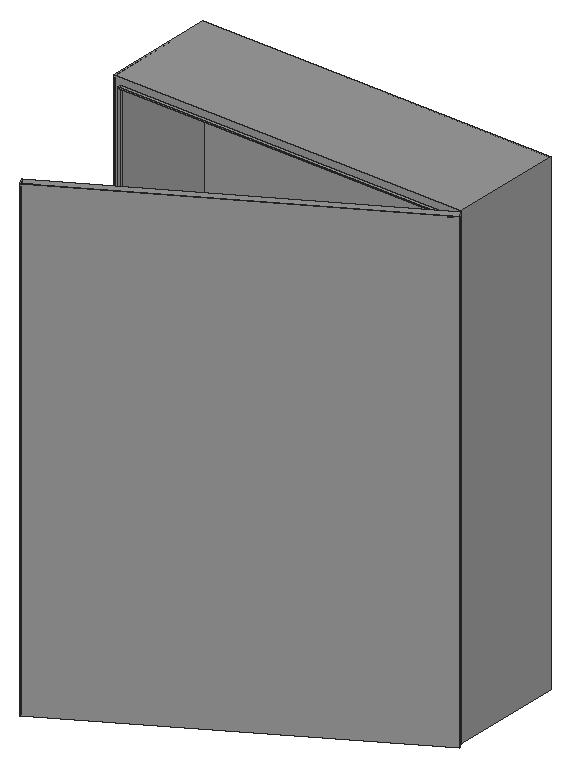
Revit family "Hager-Univers-IP55-D275-H1100-Cl.II-Steel_encl-NoHosted-CH-fr", category Electrical Equipment, Revit 2020
Family settings
  Panel Configuration = Two Columns, Circuits Across
  Round Connector Dimension = Use Diameter
  Part Type = Panelboard
  Work Plane-Based = Yes
  Always vertical = Yes
  Cut with Voids When Loaded = No
  Shared = No
  Room Calculation Point = No
Parameters (values of type "saillie IP55 L800 H1100 P275  - FR73S")
  Width Control [instance] = if([EF000008 - largeur] > Min Width, [EF000008 - largeur], Min Width)  # 800 mm
  Type Comments = [HG000003 - Gamme]  # "Univers"
  Thickness Door [instance] = if([EF009171 - épaisseur de matériau de la porte/du couvercle] > 3 mm, 3 mm, [EF009171 - épaisseur de matériau de la porte/du couvercle])  # 1.5 mm
  Seal Frame Offset [instance] = 17 mm  # constant formula
  Plinth Visibility [instance] = [HG000027 - Hauteur du socle] > 0 mm  # no
  Min Width [instance] = 100 mm  # constant formula
  Min Depth [instance] = (2 * [EF009170 - épaisseur de matériau du boîtier]) + 1 mm  # 4 mm
  Min Height [instance] = 100 mm  # constant formula
  Internal Frame Depth [instance] = (Door System Depth * 0.5)  # 9 mm
  Panel Name [instance] = ""  # (empty or 0)
  Model = ""
  HG000027 - Hauteur du socle = 0 mm
  HG000026 - Installation au sol = no
  HG000024 - Hauteur de la section basse = 600 mm
  HG000023 - Armoire double section = no
  HG000016 - Visibilité de la porte 3D [instance] = yes
  HG000015 - Visibilité de l'emprise de la porte [instance] = no
  HG000014 - Porte à droite [instance] = yes
  HG000013 - Porte à gauche [instance] = not([HG000014 - Porte à droite])  # no
  HG000012 - Angle de pivotement de la porte [instance] = 30.00°
  HG000010 - Portes asymétriques = no
  HG000009 - Porte à double battant = no
  HG000006 - Encastré = no
  HG000004 - Référence fabricant = "FR73S"
  HG000003 - Gamme = "Univers"
  HG000002 - avec porte = yes
  Frame Offset Bottom [instance] = 10 mm  # constant formula
  Frame Offset [instance] = 15 mm  # constant formula
  EF015940 - couvercle avec décharge de pression = no
  EF011959 - degré de protection (NEMA) = ""
  EF009554 - nombre d'ouvertures pour plaques à bride = 6
  EF009212 - finition du couvercle = "EV000116 - fermé"
  EF009171 - épaisseur de matériau de la porte/du couvercle = 1.5 mm
  EF009170 - épaisseur de matériau du boîtier = 1.5 mm
  EF008873 - courant nominal (In) = 800 A
  EF007800 - adapté à un parafoudre = no
  EF006306 - avec serrure = no
  EF006244 - couvercle/porte transparent(e) = no
  EF005474 - indice de protection (IP) = "EV006420 - IP55"
  EF004464 - type de porte = "EV002646 - unique"
  EF004427 - nombre de modules = 252
  EF004293 - indice de protection contre les chocs (IK) = "EV008784 - IK10"
  EF003532 - convient pour utilisation à l’extérieur = no
  EF002950 - largeur en nombre de modules = 24
  EF001613 - maintien de fonction = "EV000494 - sans"
  EF001596 - matériau du boîtier/corps = "EV000179 - acier"
  EF001131 - profondeur intérieure = 275 mm
  EF001088 - possibilité de montage en saillie = yes
  EF000437 - nombre d'entrées de conduit = 6
  EF000339 - type de capot = "EV004216 - porte"
  EF000266 - nombre de rangées = 7
  EF000218 - profondeur d'encastrement = 0 mm
  EF000118 - avec cadre/support de montage = no
  EF000116 - numéro RAL = "7035"
  EF000049 - profondeur = 275 mm
  EF000040 - hauteur = 1100 mm
  EF000008 - largeur = 800 mm
  EF000007 - couleur = "EV000270 - gris"
  EF000003 - mode de pose = "EV000384 - saillie"
  Door System Leaf Tolerance [instance] = 1.5 mm  # constant formula
  Door System Depth [instance] = 18 mm  # constant formula
  Door Height [instance] = Height Control - [HG000027 - Hauteur du socle]  # 1100 mm
  Description = ""
  Default Elevation = 1219.2 mm
  Connector Offset [instance] = Height Control / 2  # 550 mm
  Manufacturer = "Hager"  # constant formula
  Height Control [instance] = if([EF000040 - hauteur] > Min Height, [EF000040 - hauteur], Min Height)  # 1100 mm
  Depth Control [instance] = if([EF000049 - profondeur] > Min Depth, [EF000049 - profondeur], Min Depth)  # 275 mm
  Bottom Top Plate Trim [instance] = 1.5 mm  # constant formula
  Plinth height Ctrl [instance] = if([HG000027 - Hauteur du socle] > 0 mm, [HG000027 - Hauteur du socle], 12 mm)  # 12 mm
Types (5, lengths in mm): name | Width Control | HG000010 - Portes asymétriques | HG000009 - Porte à double battant | HG000004 - Référence fabricant | EF009554 - nombre d'ouvertures pour plaques à bride | EF004464 - type de porte | EF004427 - nombre de modules | EF000437 - nombre d'entrées de conduit | EF000008 - largeur
  saillie IP55 L1050 H1100 P275  - FR74S | 1050 | no | yes | "FR74S" | 8 | "EV003602 - double" | 336 | 8 | 1050
  saillie IP55 L1300 H1100 P275  - FR75S | 1300 | yes | yes | "FR75S" | 10 | "EV003602 - double" | 420 | 10 | 1300
  saillie IP55 L300 H1100 P275  - FR71S | 300 | no | no | "FR71S" | 2 | "EV002646 - unique" | 84 | 2 | 300
  saillie IP55 L550 H1100 P275  - FR72S | 550 | no | no | "FR72S" | 4 | "EV002646 - unique" | 168 | 4 | 550
  saillie IP55 L800 H1100 P275  - FR73S | 800 | no | no | "FR73S" | 6 | "EV002646 - unique" | 252 | 6 | 800
Reference planes
  plane 1 "Center (Front/Back)": y = 0
  plane 2: z = 0
  plane 3 "Center (Left/Right)": x = 0
  plane 4: y = 0
  plane 5: y = 0
  plane 6: z = 0
  plane 7: x = -400
  plane 8: x = 400
  plane 9: x = 398.5
  plane 10: x = -398.5
  plane 11: z = 0
  plane 12: z = 1.5
  plane 13: y = -275
  plane 14: y = -1.5
  plane 15: x = 0
  plane 16: y = -257
  plane 17: y = -273.5
  plane 18: y = -255.5
  plane 19: x = -383.5
  plane 20: x = 383.5
  plane 21: z = 11.5
  plane 22: x = -383
  plane 23: x = 383
  plane 24: z = 0
  plane 25: z = 1100
  plane 26: z = 1100
  plane 27: z = 1083.5
  plane 28: z = 1098.5
Forms (mm)
  Extrusion 1, solid, material "Hager_Steel_RAL7035_Light_Grey", detail levels medium+fine
    sketch origin (-208.679, -4572, 0) x (-1, 0, 0) y (0, -1, 0)
      loop
        line (191.321, -4315) -> (-608.679, -4315) -> (-608.679, -4572) -> (191.321, -4572) -> (191.321, -4315)
    from 0 to 1100
  Extrusion 2, void
    sketch origin (-350.771, -275, 1219.2) x (1, 0, 0) y (0, 0, 1)
      loop
        line (-47.729, -120.7) -> (-47.729, -1217.7) -> (749.271, -1217.7) -> (749.271, -120.7) -> (-47.729, -120.7)
    from -19.5 to -273.5
  Extrusion 3, void
    sketch origin (-290.084, -257, 1219.2) x (1, 0, 0) y (0, 0, 1)
      loop
        line (-93.416, -1207.7) -> (673.584, -1207.7) -> (673.584, -135.7) -> (-93.416, -135.7) -> (-93.416, -1207.7)
    from 0 to -1.5
  Extrusion 4, solid, material "Hager_Steel_RAL7035_Light_Grey", visible <- "Plinth Visibility", detail levels medium+fine
    sketch origin (0, 0, 0) x (1, 0, 0) y (0, 1, 0)
      loop
        line (-400, 0) -> (-400, -257) -> (400, -257) -> (400, 0) -> (-400, 0)
    from 0 to 12 <- "Plinth height Ctrl"
  Extrusion 5, solid, material "Hager_Steel_RAL7035_Light_Grey", detail levels coarse
    sketch origin (0, 0, 0) x (1, 0, 0) y (0, 1, 0)
      loop
        line (-400, 0) -> (-400, -275) -> (400, -275) -> (400, 0) -> (-400, 0)
    from 0 to 1100 <- "Height Control"
  Sweep 6, void
    path in 3D
      loop
        line (-400, -257, 12) -> (400, -257, 12) -> (400, 0, 12) -> (-400, 0, 12) -> (-400, -257, 12)
    profile origin (-400, -128.5, 12) x (1, 0, 0) y (0, 0, 1)
      loop
        line (0, 0) -> (0, -1.5) -> (1.5, -1.5)
        arc (1.5, -1.5) -> (1.061, -0.439) -> (0, 0) r 1.5
  Extrusion 7, solid, material "Hager_Steel_RAL7035_Light_Grey", detail levels fine
    sketch origin (-400, -257, 0) x (1, 0, 0) y (0, 0, 1)
      loop
        line (16.5, 11.5) -> (783.5, 11.5) -> (783.5, 1083.5) -> (16.5, 1083.5) -> (16.5, 11.5)
      loop
        line (15, 10) -> (785, 10) -> (785, 1085) -> (15, 1085) -> (15, 10)
    from 0 to 9 <- "Internal Frame Depth"
Cuts and joins
  Extrusion 2, Extrusion 3 cuts Extrusion 1
  Sweep 6 cuts Extrusion 4
Lines and regions (mm)
  Masking region 1
    outline origin (0, 0, 0) x (1, 0, 0) y (0, 1, 0)
      loop
        line (-400, 0) -> (-400, -275) -> (400, -275) -> (400, 0) -> (-400, 0)
  Masking region 2, detail levels coarse
    outline origin (-290.084, -257, 1219.2) x (-1, 0, 0) y (0, 0, 1)
      loop
        line (-690.084, -1219.2) -> (109.916, -1219.2) -> (109.916, -119.2) -> (-690.084, -119.2) -> (-690.084, -1219.2)
  Masking region 3, detail levels coarse
    outline origin (0, 0, 0) x (0, 1, 0) y (0, 0, 1)
      loop
        line (0, 0) -> (0, 1100) -> (-275, 1100) -> (-275, 0) -> (0, 0)
  Masking region 4, visible <- "Plinth Visibility", detail levels medium+fine
    outline origin (0, 0, 0) x (0, 1, 0) y (0, 0, 1)
      loop
        line (-1.5, 12) -> (-255.5, 12)
        arc (-255.5, 12) -> (-255.939, 10.939) -> (-257, 10.5) r 1.5
        line (-257, 10.5) -> (-257, 0) -> (0, 0) -> (0, 10.5)
        arc (0, 10.5) -> (-1.061, 10.939) -> (-1.5, 12) r 1.5
  Masking region 5, detail levels medium+fine
    outline origin (0, 0, 594.038) x (0, 1, 0) y (0, 0, 1)
      loop
        line (0, -594.038) -> (0, 505.962) -> (-257, 505.962) -> (-257, -594.038) -> (0, -594.038)
  Masking region 6, detail levels medium+fine
    outline origin (-359.7, -257, 1211.883) x (-1, 0, 0) y (0, 0, 1)
      loop
        line (-759.7, -1211.883) -> (40.3, -1211.883) -> (40.3, -111.883) -> (-759.7, -111.883) -> (-759.7, -1211.883)
  Masking region 7, visible <- "Plinth Visibility", detail levels medium+fine
    outline origin (-320.334, -257, 1041.368) x (-1, 0, 0) y (0, 0, 1)
      loop
        line (-720.334, -1041.368) -> (79.666, -1041.368) -> (79.666, -1030.868)
        arc (79.666, -1030.868) -> (78.606, -1030.429) -> (78.166, -1029.368) r 1.5
        line (78.166, -1029.368) -> (-718.834, -1029.368)
        arc (-718.834, -1029.368) -> (-719.273, -1030.429) -> (-720.334, -1030.868) r 1.5
        line (-720.334, -1030.868) -> (-720.334, -1041.368)
  sketch lines
    curve 1: line (-400, 0, 12) -> (-400, -257, 12)
    curve 2: line (-400, -257, 12) -> (400, -257, 12)
    curve 3: line (400, 0, 12) -> (-400, 0, 12)
    curve 4: line (400, -257, 12) -> (400, 0, 12)
Dimensions and locks
  locked: plane 1 "Center (Front/Back)" to plane 5
  "EF009170 - épaisseur de matériau du boîtier": plane 7 to plane 10
  "EF009170 - épaisseur de matériau du boîtier": plane 8 to plane 9
  equal spacing: plane 7, plane 3 "Center (Left/Right)", plane 8
  "Width Control": plane 7 to plane 8
  "Depth Control": plane 4 to plane 13
  "EF009170 - épaisseur de matériau du boîtier": plane 4 to plane 14
  "Height Control": plane 25 to level
  "HG000027 - Hauteur du socle": plane 11 to level
  "EF009170 - épaisseur de matériau du boîtier": plane 12 to plane 11
  "EF009170 - épaisseur de matériau du boîtier": plane 17 to plane 13
  "EF009170 - épaisseur de matériau du boîtier": plane 18 to plane 16
  "Frame Offset Bottom": plane 21 to plane 12
  "Frame Offset": plane 10 to plane 19
  "Frame Offset": plane 9 to plane 20
  "Door System Depth": plane 16 to plane 13
  "Seal Frame Offset": plane 7 to plane 22
  "Seal Frame Offset": plane 8 to plane 23
  "EF009170 - épaisseur de matériau du boîtier": plane 26 to plane 28
  "Frame Offset": plane 28 to plane 27
  "Connector Offset": plane 2 to connector elem
  "Bottom Top Plate Trim": profile plane to Sweep 6 sketch curve
  "Bottom Top Plate Trim": Sweep 6 sketch curve to Sweep 6 sketch curve
  "Plinth height Ctrl": Masking region 4 sketch curve to level
  "Plinth height Ctrl": Masking region 7 sketch curve to level
  "Thickness Door": Extrusion 7 sketch curve to Extrusion 7 sketch curve  (x4)
  "Bottom Top Plate Trim": radius of Sweep 6 sketch curve
  "Bottom Top Plate Trim": radius of Masking region 4 sketch curve  (x2)
  "Bottom Top Plate Trim": radius of Masking region 7 sketch curve  (x2)
  aligned and locked: Extrusion 2 sketch curve to plane 12
  aligned and locked: Extrusion 2 sketch curve to plane 9
  aligned and locked: Extrusion 2 sketch curve to plane 10
  aligned and locked: Extrusion 2 to plane 14
  aligned and locked: Extrusion 1 sketch curve to plane 4
  aligned and locked: plane 8 to Extrusion 1 sketch curve
  aligned and locked: plane 7 to Extrusion 1 sketch curve
  aligned and locked: Extrusion 2 to plane 18
  aligned and locked: Extrusion 3 sketch curve to plane 19
  aligned and locked: plane 20 to Extrusion 3 sketch curve
  aligned and locked: Extrusion 3 to Extrusion 2
  aligned and locked: Extrusion 3 sketch curve to plane 21
  aligned and locked: plane 3 "Center (Left/Right)" to nested 1
  aligned and locked: Extrusion 1 sketch curve to plane 16
  aligned and locked: Extrusion 4 sketch curve to cut or joined group of Extrusion 1, Extrusion 2, Extrusion 3
  aligned and locked: Masking region 1 sketch curve to plane 7
  aligned and locked: Masking region 1 sketch curve to plane 5
  aligned and locked: Masking region 1 sketch curve to plane 8
  aligned and locked: Masking region 2 sketch curve to level
  aligned and locked: level to Masking region 3 sketch curve
  aligned and locked: plane 1 "Center (Front/Back)" to Masking region 3 sketch curve
  aligned and locked: plane 13 to Masking region 3 sketch curve
  aligned and locked: plane 5 to Masking region 4 sketch curve
  aligned and locked: Masking region 2 sketch curve to plane 8
  aligned and locked: Masking region 2 sketch curve to plane 7
  aligned and locked: plane 7 to nested 2
  aligned and locked: nested 2 to plane 5
  aligned and locked: plane 5 to Masking region 5 sketch curve
  aligned and locked: plane 26 to Masking region 5 sketch curve
  aligned and locked: Extrusion 5 sketch curve to plane 8
  aligned and locked: Extrusion 5 sketch curve to plane 7
  aligned and locked: Extrusion 5 sketch curve to plane 5
  aligned and locked: Extrusion 3 sketch curve to plane 27
  aligned and locked: Extrusion 2 sketch curve to plane 28
  aligned and locked: Masking region 2 to plane 25
  aligned and locked: Extrusion 4 to plane 16
  aligned and locked: profile plane to Sweep 6 sketch curve
  aligned and locked: Masking region 5 sketch curve to plane 24
  aligned and locked: level to Masking region 4 sketch curve
  aligned and locked: Masking region 1 to plane 13
  aligned and locked: nested 1 to plane 16
  aligned and locked: Masking region 3 to plane 25
  aligned and locked: plane 16 to Masking region 4 sketch curve
  aligned and locked: Masking region 5 sketch curve to plane 16
  aligned and locked: plane 24 to plane 11
  aligned and locked: plane 26 to plane 25
  aligned and locked: plane 26 to cut or joined group of Extrusion 1, Extrusion 2, Extrusion 3
  aligned and locked: nested 1 to plane 24
  aligned and locked: Extrusion 1 to Extrusion 3
  aligned and locked: Masking region 6 sketch curve to plane 8
  aligned and locked: Masking region 6 sketch curve to plane 24
  aligned and locked: Masking region 6 sketch curve to plane 7
  aligned and locked: Masking region 6 sketch curve to plane 26
  aligned and locked: Masking region 7 sketch curve to plane 7
  aligned and locked: level to Masking region 7 sketch curve
  aligned and locked: Masking region 7 sketch curve to plane 8
  aligned and locked: Extrusion 7 sketch curve to cut or joined group of Extrusion 1, Extrusion 2, Extrusion 3  (x4)
Automatic sketch dimensions
  plane 19 to Extrusion 3 sketch curve = 0 mm
  Extrusion 3 sketch curve to plane 20 = 0 mm
  Extrusion 3 sketch curve to plane 21 = 0 mm
  Extrusion 4 sketch curve to plane 7 = 0 mm
  Extrusion 4 sketch curve to plane 8 = 0 mm
  Extrusion 4 sketch curve to plane 16 = 0 mm
  Masking region 1 sketch curve to plane 13 = 0 mm
  Masking region 2 sketch curve to plane 25 = 0 mm
  Masking region 3 sketch curve to plane 25 = 0 mm
  Extrusion 5 sketch curve to plane 13 = 0 mm
  profile plane to Sweep 6 sketch curve = 0 mm
Nested families
  nested 1: "EC000058_Univers_Door" at (0, -257, 0), Double <- "HG000009 - Porte à double battant", Transparent <- "EF006244 - couvercle/porte transparent(e)", Angle <- "HG000012 - Angle de pivotement de la porte", Door_Right <- "HG000014 - Porte à droite", Assymetrical <- "HG000010 - Portes asymétriques", Door <- "HG000002 - avec porte", Width_Ctrl <- "Width Control", 3d_Door <- "HG000016 - Visibilité de la porte 3D", Clearance <- "HG000015 - Visibilité de l'emprise de la porte", Door_Left <- "HG000013 - Porte à gauche", Width <- "Width Control", Door_Depth <- "Door System Depth", Leaf_Tolerance <- "Door System Leaf Tolerance", Height <- "Door Height", Lock_Visibility <- "EF006306 - avec serrure", Thickness <- "Thickness Door", type "EC000058_Univers_Door", detail levels medium+fine
    with min_wh 4 mm, Width_Ctrl 800 mm, Width 800 mm, Transparent no, Thickness 1.5 mm, Seal_Material Hager_Rubber, Lock_Visibility no, Lock_Material Hager_Plastic_RAL9005_Jet_Black, Leaf_Width 800 mm, Leaf_Tolerance_External_Sides 0 mm, Leaf_Tolerance 1.5 mm, Leaf_Offset 0 mm, Leaf_Height 1097 mm, Leaf_2_Width 800 mm, Leaf_2_Offset 400 mm, Leaf_1_Width 800 mm, Leaf_1_Offset 400 mm, Height_Ctrl 1100 mm, Height 1100 mm, Glass_Material Hager_Glass, Double_Clearance_Ctrl no, Double no, Door_Right_Ctrl yes, Door_Right yes, Door_Material Hager_Steel_RAL7035_Light_Grey, Door_Left_Ctrl no, Door_Left no, Door_Depth 18 mm, Door yes, Clearance_Material Hager_Clearance, Clearance_Depth 800 mm, Clearance_Ctrl no, Clearance no, Assymetrical no, Angle 30.00°, 3d_Door yes
  nested 2: "Hager_Enclosure_Symbol" at (-400, 0, 0), Height <- "Depth Control", Width <- "Width Control", type "Hager_Enclosure_Symbol"
    with Width_Ctrl 800 mm, Width 800 mm, Height_Ctrl 275 mm, Height 275 mm, A_Width_Int 18.047 mm, A_Width 216.562 mm, A_Height_Ctrl 240.625 mm, A_Height 240.625 mm
Connectors
  electrical at (0, 0, 550)
    settings: on plane 1 "Center (Front/Back)", index 1, voltage 0 V, apparent load 0 VA, apparent load phase1 0 VA, apparent load phase2 0 VA, apparent load phase3 0 VA, power factor 1, load classification "Other", number of poles 1, system type 30, power factor state 1, is connector primary yes, connector utility no, sub classification motor no, connector description ""
Definition of nested family "EC000058_Univers_Door"
  Parameters (values of type "EC000058_Univers_Door")
    min_wh [instance] = (2 * Thickness) + 1 mm  # 11 mm
    Width_Ctrl [instance] = 400 mm
    Width [instance] = 500 mm
    Transparent [instance] = yes
    Thickness [instance] = 5 mm
    Seal_Material [instance] = none
    Lock_Visibility [instance] = yes
    Lock_Material [instance] = none
    Leaf_Width [instance] = if((Width_Ctrl - 2 * Leaf_Tolerance_External_Sides) > 0 mm, (Width_Ctrl - 2 * Leaf_Tolerance_External_Sides), min_wh)  # 400 mm
    Leaf_Tolerance_External_Sides [instance] = 0 mm  # constant formula
    Leaf_Tolerance [instance] = 1.5 mm
    Leaf_Offset [instance] = 0 mm  # constant formula
    Leaf_Height [instance] = if((Height_Ctrl - 2 * Leaf_Tolerance) > 0 mm, (Height_Ctrl - 2 * Leaf_Tolerance), min_wh)  # 497 mm
    Leaf_2_Width [instance] = if(and(and(Double, Assymetrical), Door_Left), (Leaf_Width / 3) - (Leaf_Tolerance / 2), if(and(and(Double, Assymetrical), Door_Right), (Leaf_Width / 3) * 2 - (Leaf_Tolerance / 2), if(and(Double, not(Assymetrical)), (Leaf_Width / 2) - Leaf_Tolerance, Leaf_Width)))  # 400 mm
    Leaf_2_Offset [instance] = if(and(Double, Assymetrical), Leaf_2_Width / 2, if(and(Double, not(Assymetrical)), Leaf_Width / 4, Leaf_Width / 2))  # 200 mm
    Leaf_1_Width [instance] = if(and(and(Double, Assymetrical), Door_Right), (Leaf_Width / 3) - (Leaf_Tolerance / 2), if(and(and(Double, Assymetrical), Door_Left), (Width / 3) * 2 - (Leaf_Tolerance / 2), if(and(Double, not(Assymetrical)), (Leaf_Width / 2) - Leaf_Tolerance, Leaf_Width)))  # 400 mm
    Leaf_1_Offset [instance] = if(and(Double, Assymetrical), Leaf_1_Width / 2, if(and(Double, not(Assymetrical)), Leaf_Width / 4, Leaf_Width / 2))  # 200 mm
    Height_Ctrl [instance] = if(Height > min_wh, Height, min_wh)  # 500 mm
    Height [instance] = 500 mm
    Glass_Material [instance] = none
    Double_Clearance_Ctrl [instance] = and(Double, Clearance)  # no
    Double [instance] = no
    Door_Right_Ctrl [instance] = and(or(Door_Right, Double), Door)  # yes
    Door_Right [instance] = yes
    Door_Material [instance] = none
    Door_Left_Ctrl [instance] = and(or(Door_Left, Double), Door)  # no
    Door_Left [instance] = no
    Door_Depth [instance] = 30 mm
    Door [instance] = yes
    Default Elevation = 1219.2 mm
    Clearance_Material [instance] = none
    Clearance_Depth [instance] = if(Leaf_1_Width > Leaf_2_Width, Leaf_1_Width, Leaf_2_Width)  # 400 mm
    Clearance_Ctrl [instance] = and(not(Double), Clearance)  # yes
    Clearance [instance] = yes
    Assymetrical [instance] = yes
    Angle [instance] = 30.00°
    3d_Door [instance] = yes
  Reference planes
    plane 1 "Center (Front/Back)": y = 0
    plane 2 "Bottom": z = 0
    plane 3 "Center (Left/Right)": x = 0
    plane 4: z = 500
    plane 5: x = -200
    plane 6: x = 200
    plane 7: z = 500
    plane 8: x = -200
    plane 9: z = 0
    plane 10: x = 200
    plane 11: y = 0
    plane 12: z = 1.5
    plane 13: x = -600
    plane 14: y = -400
    plane 15: x = 600
    plane 16: x = 0
    plane 17: x = 0
    plane 18: x = -200
    plane 19: x = 200
    plane 20: z = 498.5
  Forms (mm)
    Extrusion 1, solid, material <- "Clearance_Material", visible <- "Double_Clearance_Ctrl"
      sketch origin (1200, 0, 0) x (1, 0, 0) y (0, 0, -1)
        loop
          line (-1800, -498.5) -> (-600, -498.5) -> (-600, 0) -> (-1800, 0) -> (-1800, -498.5)
      from 0 to -400
  Dimensions and locks
    equal spacing: plane 5, plane 3 "Center (Left/Right)", plane 6
    "Width_Ctrl": plane 5 to plane 6
    "Leaf_Offset": plane 5 to plane 8
    "Leaf_Offset": plane 6 to plane 10
    "Leaf_Offset": plane 9 to level
    "Leaf_Offset": plane 4 to plane 7
    "Height_Ctrl": plane 4 to level
    "Leaf_Tolerance": plane 12 to plane 9
    locked: plane 11 to plane 1 "Center (Front/Back)"
    "Leaf_1_Offset": plane 18 to plane 16
    "Leaf_2_Offset": plane 17 to plane 19
    "Leaf_1_Width": plane 13 to plane 8
    "Leaf_2_Width": plane 10 to plane 15
    "Clearance_Depth": plane 14 to plane 1 "Center (Front/Back)"
    "Leaf_Tolerance_External_Sides": plane 8 to plane 18
    "Leaf_Tolerance_External_Sides": plane 19 to plane 10
    "Leaf_Tolerance": plane 7 to plane 20
    aligned and locked: level to plane 2 "Bottom"
    aligned and locked: nested 1 to plane 16
    aligned and locked: nested 2 to plane 17
    aligned and locked: Extrusion 1 to plane 13
    aligned and locked: plane 15 to Extrusion 1
    aligned and locked: Extrusion 1 to plane 14
    aligned and locked: plane 12 to nested 1
    aligned and locked: nested 2 to plane 12
    aligned and locked: Extrusion 1 to plane 11
    aligned and locked: plane 20 to Extrusion 1
    aligned and locked: nested 2 to plane 11
    aligned and locked: nested 1 to plane 11
  Automatic sketch dimensions
    Extrusion 1 sketch curve to level = 0 mm
    plane 5 to Extrusion 1 sketch curve = 400 mm
    plane 6 to Extrusion 1 sketch curve = 400 mm
    Extrusion 1 sketch curve to plane 4 = 1.5 mm
  Nested families
    nested 1: "EC000058_Univers_Door_Leaf" at (0, 0, 1.5), Width <- "Leaf_1_Width", visible <- "Door_Left_Ctrl", Leaf_Height <- "Leaf_Height", Angle <- "Angle", 3d_Door <- "3d_Door", Transparent <- "Transparent", Clearance Material <- "Clearance_Material", Clearance <- "Clearance_Ctrl", Door_Material <- "Door_Material", Glass_Material <- "Glass_Material", Door_Depth <- "Door_Depth", Lock_Material <- "Lock_Material", Seal_Material <- "Seal_Material", Lock_Visibility <- "Lock_Visibility", Thickness <- "Thickness", type "EC000058_Univers_Door_Leaf"
      with Width 400 mm, Transparent_Glass_Offset 30 mm, Transparent_Ctrl yes, Transparent yes, Thickness 5 mm, Standard no, Seal_Material none, Seal_D2 8 mm, Seal_D1 1 mm, Offset_Internal_Frame 10 mm, Lock_Width 20 mm, Lock_Visibility_3d yes, Lock_Visibility yes, Lock_Thickness_3 3 mm, Lock_Thickness_2 1 mm, Lock_Thickness_1 3 mm, Lock_Radius_Offset_2 16 mm, Lock_Radius_Offset_1 15 mm, Lock_Radius_2 5 mm, Lock_Radius 6 mm, Lock_Offset 5 mm, Lock_Material none, Lock_Height 80 mm, Lock_Cover_Top_Offset_2d 17 mm, Lock_Cover_Height -65 mm, Leaf_Height 497 mm, Internal_Seal_Thickness 8 mm, Internal_Seal_Depth_2 4.5 mm, Internal_Frame_Depth 25 mm, Glass_Thickness -1 mm, Glass_Offset -2 mm, Glass_Material none, Door_Material none, Door_Depth 30 mm, Clearance Material none, Clearance yes, Angle_Ctrl 30.00°, Angle 30.00°, 3d_Door yes
    nested 2: "EC000058_Univers_Door_Leaf" at (0, 0, 1.5) x (-1, 0, 0) z (0, 0, 1), Width <- "Leaf_2_Width", visible <- "Door_Right_Ctrl", Leaf_Height <- "Leaf_Height", Angle <- "Angle", 3d_Door <- "3d_Door", Transparent <- "Transparent", Clearance Material <- "Clearance_Material", Clearance <- "Clearance_Ctrl", Door_Material <- "Door_Material", Glass_Material <- "Glass_Material", Door_Depth <- "Door_Depth", Lock_Material <- "Lock_Material", Seal_Material <- "Seal_Material", Lock_Visibility <- "Lock_Visibility", Thickness <- "Thickness", type "EC000058_Univers_Door_Leaf"
      with Width 400 mm, Transparent_Glass_Offset 30 mm, Transparent_Ctrl yes, Transparent yes, Thickness 5 mm, Standard no, Seal_Material none, Seal_D2 8 mm, Seal_D1 1 mm, Offset_Internal_Frame 10 mm, Lock_Width 20 mm, Lock_Visibility_3d yes, Lock_Visibility yes, Lock_Thickness_3 3 mm, Lock_Thickness_2 1 mm, Lock_Thickness_1 3 mm, Lock_Radius_Offset_2 16 mm, Lock_Radius_Offset_1 15 mm, Lock_Radius_2 5 mm, Lock_Radius 6 mm, Lock_Offset 5 mm, Lock_Material none, Lock_Height 80 mm, Lock_Cover_Top_Offset_2d 17 mm, Lock_Cover_Height -65 mm, Leaf_Height 497 mm, Internal_Seal_Thickness 8 mm, Internal_Seal_Depth_2 4.5 mm, Internal_Frame_Depth 25 mm, Glass_Thickness -1 mm, Glass_Offset -2 mm, Glass_Material none, Door_Material none, Door_Depth 30 mm, Clearance Material none, Clearance yes, Angle_Ctrl 30.00°, Angle 30.00°, 3d_Door yes
  Definition of nested family "EC000058_Univers_Door_Leaf"
    Parameters (values of type "EC000058_Univers_Door_Leaf")
      Width [instance] = 2000 mm
      Transparent_Glass_Offset [instance] = 30 mm
      Transparent_Ctrl [instance] = and(Transparent, [3d_Door])  # yes
      Transparent [instance] = yes
      Thickness [instance] = 5 mm
      Standard [instance] = and(not(Transparent), [3d_Door])  # no
      Seal_Material [instance] = none
      Seal_D2 [instance] = 8 mm  # constant formula
      Seal_D1 [instance] = 1 mm  # constant formula
      Offset_Internal_Frame [instance] = 10 mm  # constant formula
      Lock_Width [instance] = 20 mm  # constant formula
      Lock_Visibility_3d [instance] = and(Lock_Visibility, [3d_Door])  # yes
      Lock_Visibility [instance] = yes
      Lock_Thickness_3 [instance] = 3 mm  # constant formula
      Lock_Thickness_2 [instance] = 1 mm  # constant formula
      Lock_Thickness_1 [instance] = 3 mm  # constant formula
      Lock_Radius_Offset_2 [instance] = Lock_Radius_Offset_1 + 1 mm  # 16 mm
      Lock_Radius_Offset_1 [instance] = 15 mm  # constant formula
      Lock_Radius_2 [instance] = Lock_Radius - 1 mm  # 5 mm
      Lock_Radius [instance] = 6 mm  # constant formula
      Lock_Offset [instance] = 5 mm  # constant formula
      Lock_Material [instance] = none
      Lock_Height [instance] = 80 mm  # constant formula
      Lock_Cover_Top_Offset_2d [instance] = Lock_Radius_Offset_2 + 1 mm  # 17 mm
      Lock_Cover_Height [instance] = -(Lock_Height - Lock_Radius_Offset_1)  # -65 mm
      Leaf_Height [instance] = 2720.336 mm
      Internal_Seal_Thickness [instance] = 8 mm  # constant formula
      Internal_Seal_Depth_2 [instance] = 4.5 mm  # constant formula
      Internal_Frame_Depth [instance] = if(Door_Depth - Thickness > 5 mm, Door_Depth - Thickness, 5 mm)  # 25 mm
      Glass_Thickness [instance] = if(Thickness > 15 mm, Glass_Offset + 10 mm, -1 mm)  # -1 mm
      Glass_Offset [instance] = if(Thickness > 15 mm, -(Thickness + 10 mm) / 2, -2 mm)  # -2 mm
      Glass_Material [instance] = none
      Door_Material [instance] = none
      Door_Depth [instance] = 30 mm
      Default Elevation = 0 mm
      Clearance Material [instance] = none
      Clearance [instance] = yes
      Angle_Ctrl [instance] = if(Angle > 180.00°, 180.00°, Angle)  # 90.00°
      Angle [instance] = 90.00°
      3d_Door [instance] = yes
    Reference planes
      plane 1 "Center (Front/Back)": y = 0
      plane 2: z = 0
      plane 3 "Center (Left/Right)": x = 0
      plane 4: y = 2000
      plane 5: x = -1000
      plane 6: x = 1000
      plane 7: x = -3000
      plane 8: z = 2720.336
      plane 9: z = 30
      plane 10: z = 2690.336
      plane 11: x = 970
      plane 12: x = -970
      plane 13: y = -3
      plane 14: z = 107.833
      plane 15: y = -5
      plane 16: y = -223.314
      plane 17: x = -1000
      plane 18: z = 1360.168
      plane 19: y = 30
    Forms (mm)
      Extrusion 1, solid, material <- "Clearance Material", visible <- "Clearance"
        sketch origin (0, 0, 0) x (1, 0, 0) y (0, 0, 1)
          loop
            line (-3000, 2720.336) -> (-3000, 0) -> (1000, 0) -> (1000, 2720.336) -> (-3000, 2720.336)
        from 0 to -2000
      Extrusion 2, solid, material <- "Door_Material", visible <- "Standard", detail levels medium+fine
        sketch origin (-1000, 0, 0) x (0, 1, 0) y (-1, 0, 0)
          loop
            line (0, 30) -> (0, 25) -> (2000, 25) -> (2000, 30) -> (0, 30)
        from 0 to 2720.336 <- "Leaf_Height"
      Extrusion 3, solid, material <- "Door_Material", visible <- "Transparent_Ctrl", detail levels medium+fine
        sketch origin (-1000, 0, 0) x (0, 1, 0) y (-1, 0, 0)
          loop
            line (0, 25) -> (2000, 25) -> (2000, 30) -> (0, 30) -> (0, 25)
        from 0 to 2720.336 <- "Leaf_Height"
      Extrusion 4, void
        sketch origin (-1025, 2000, 0) x (0, 1, 0) y (0, 0, -1)
          loop
            line (-30, -2690.336) -> (-30, -30) -> (-1970, -30) -> (-1970, -2690.336) -> (-30, -2690.336)
        from 0 to 5 <- "Thickness"
      Sweep 5, solid, material <- "Seal_Material", visible <- "Transparent_Ctrl", detail levels fine
        path in 3D
          loop
            line (-1025, 30, 30) -> (-1025, 30, 2690.336) -> (-1025, 1970, 2690.336) -> (-1025, 1970, 30) -> (-1025, 30, 30)
        profile origin (-1025, 1000, 30) x (1, 0, 0) y (0, 0, 1)
          loop
            line (0, 0) -> (0, -8) -> (1, -8) -> (1, 0) -> (0, 0)
      Extrusion 6, solid, material <- "Glass_Material", visible <- "Transparent_Ctrl", detail levels medium+fine
        sketch origin (-1030, 0, 0) x (0, 1, 0) y (0, 0, -1)
          loop
            line (1970, -2690.336) -> (1970, -30) -> (30, -30) -> (30, -2690.336) -> (1970, -2690.336)
        from -2 <- "Glass_Offset" to -1 <- "Glass_Thickness"
      Extrusion 7, solid, material <- "Door_Material", visible <- "3d_Door", detail levels medium+fine
        sketch origin (-1025, 2000, 0) x (0, -1, 0) y (0, 0, -1)
          loop
            line (0, -2720.336) -> (2000, -2720.336) -> (2000, 0) -> (0, 0) -> (0, -2720.336)
          loop
            line (1995, -5) -> (5, -5) -> (5, -2715.336) -> (1995, -2715.336) -> (1995, -5)
        from 0 to 25 <- "Internal_Frame_Depth"
      Sweep 8, solid, material <- "Seal_Material", visible <- "Transparent_Ctrl", detail levels fine
        path in 3D
          loop
            line (-1025, 0, 0) -> (-1025, 2000, 0) -> (-1025, 2000, 2720.336) -> (-1025, 0, 2720.336) -> (-1025, 0, 0)
        profile origin (-1025, 0, 1360.168) x (1, 0, 0) y (0, 1, 0)
          loop
            line (0, 10) -> (2.975, 10)
            arc (2.975, 10) -> (4.053, 10.447) -> (4.5, 11.525) r 1.525
            line (4.5, 11.525) -> (4.5, 16.527)
            arc (4.5, 16.527) -> (4.069, 17.569) -> (3.027, 18) r 1.473
            line (3.027, 18) -> (0, 18) -> (0, 10)
      Extrusion 9, solid, material <- "Lock_Material", visible <- "Lock_Visibility_3d", detail levels fine
        sketch origin (-1030, 0, 0) x (0, 1, 0) y (0, 0, -1)
          loop
            arc (1993.5, -1400.168) -> (1994.561, -1399.729) -> (1995, -1398.668) r 1.5
            line (1995, -1398.668) -> (1995, -1320.168) -> (1975, -1320.168) -> (1975, -1398.668)
            arc (1975, -1398.668) -> (1975.439, -1399.729) -> (1976.5, -1400.168) r 1.5
            line (1976.5, -1400.168) -> (1993.5, -1400.168)
        from 3 <- "Lock_Thickness_1" to 0
      Blend 10, solid, material <- "Lock_Material", visible <- "Lock_Visibility_3d", detail levels fine
        base sketch origin (-1033, 0, 0) x (0, 1, 0) y (0, 0, -1)
          loop
            line (1975, -1320.168) -> (1975, -1398.668)
            arc (1975, -1398.668) -> (1975.439, -1399.729) -> (1976.5, -1400.168) r 1.5
            line (1976.5, -1400.168) -> (1993.5, -1400.168)
            arc (1993.5, -1400.168) -> (1994.561, -1399.729) -> (1995, -1398.668) r 1.5
            line (1995, -1398.668) -> (1995, -1320.168) -> (1975, -1320.168)
        top sketch origin (-1033, 0, 0) x (0, 1, 0) y (0, 0, -1)
          loop
            line (1976, -1320.168) -> (1976, -1398.668)
            arc (1976, -1398.668) -> (1976.146, -1399.022) -> (1976.5, -1399.168) r 0.5
            line (1976.5, -1399.168) -> (1993.5, -1399.168)
            arc (1993.5, -1399.168) -> (1993.854, -1399.022) -> (1994, -1398.668) r 0.5
            line (1994, -1398.668) -> (1994, -1320.168) -> (1976, -1320.168)
        from 0 to 1 <- "Lock_Thickness_2"
      Blend 11, solid, material <- "Lock_Material", visible <- "Lock_Visibility_3d", detail levels fine
        base sketch origin (-1034, 0, 0) x (0, 1, 0) y (0, 0, -1)
          loop
            line (1978, -1320.168) -> (1978, -1384.168)
            arc (1978, -1384.168) -> (1985, -1391.168) -> (1992, -1384.168) r 7
            line (1992, -1384.168) -> (1992, -1320.168) -> (1978, -1320.168)
        top sketch origin (-1034, 0, 0) x (0, 1, 0) y (0, 0, -1)
          loop
            line (1991, -1320.168) -> (1979, -1320.168) -> (1979, -1383.168)
            arc (1979, -1383.168) -> (1985, -1389.168) -> (1991, -1383.168) r 6
            line (1991, -1383.168) -> (1991, -1320.168)
        from 0 to 3 <- "Lock_Thickness_3"
      Extrusion 12, solid, material <- "Lock_Material", visible <- "Lock_Visibility_3d", detail levels fine
        sketch origin (-1030, 1975, 1320.168) x (1, 0, 0) y (0, -1, 0)
          loop
            line (-7, -19) -> (-7, -1) -> (0, -1) -> (0, 0) -> (-8, 0) -> (-8, -20) -> (0, -20) -> (0, -19) -> (-7, -19)
        from 0 to -65 <- "Lock_Cover_Height"
      Extrusion 13, void
        sketch origin (-1038, 1995, 1320.168) x (-1, 0, 0) y (0, 0, -1)
          loop
            line (-5, -65) -> (0, -65) -> (-5, -60) -> (-5, -65)
        from 0 to 20 <- "Lock_Width"
      Extrusion 14, void
        sketch origin (-1038, 1975, 1320.168) x (0, -1, 0) y (0, 0, -1)
          loop
            circle (-10, -15.995) r 6
          loop
            circle (-10, -15.995) r 5
        from 0 to 2
      Extrusion 15, solid, material <- "Lock_Material", visible <- "Lock_Visibility_3d", detail levels medium
        sketch origin (-1030, 0, 0) x (0, 1, 0) y (0, 0, -1)
          loop
            arc (1993.5, -1400.168) -> (1994.561, -1399.729) -> (1995, -1398.668) r 1.5
            line (1995, -1398.668) -> (1995, -1320.168) -> (1975, -1320.168) -> (1975, -1398.668)
            arc (1975, -1398.668) -> (1975.439, -1399.729) -> (1976.5, -1400.168) r 1.5
            line (1976.5, -1400.168) -> (1993.5, -1400.168)
        from 8 to 0
    Cuts and joins
      Extrusion 4 cuts Extrusion 3
      Extrusion 13, Extrusion 14 cuts Extrusion 9
      Extrusion 14 cuts Blend 11
      Extrusion 13, Extrusion 14 cuts Extrusion 12
      joined: Extrusion 9, Blend 10, Blend 11, Extrusion 12
      Extrusion 14 cuts Extrusion 15
    Lines and regions (mm)
      Masking region 1, visible <- "Lock_Visibility", detail levels fine
        outline origin (0, 0, 0) x (0, 1, 0) y (0, 0, 1)
          loop
            line (30, 1320.168) -> (33, 1320.168) -> (33, 1400.168) -> (30, 1400.168) -> (30, 1320.168)
      Masking region 2, visible <- "Lock_Visibility", detail levels fine
        outline origin (0, 3.143, 0) x (0, 1, 0) y (0, 0, 1)
          loop
            line (29.857, 1354.168) -> (30.857, 1354.168) -> (30.857, 1366.168) -> (29.857, 1366.168) -> (29.857, 1354.168)
      Masking region 3, detail levels medium+fine
        outline origin (0, 0, 0) x (0, 1, 0) y (0, 0, 1)
          loop
            line (0, 0) -> (30, 0) -> (30, 2720.336) -> (0, 2720.336) -> (0, 0)
      Masking region 4, detail levels medium+fine
        outline origin (0, 0, 0) x (1, 0, 0) y (0, 0, 1)
          loop
            line (-1000, 2720.336) -> (-1000, 0) -> (1000, 0) -> (1000, 2720.336) -> (-1000, 2720.336)
      Masking region 5, visible <- "Lock_Visibility", detail levels fine
        outline origin (-47.116, 0, 0) x (1, 0, 0) y (0, 0, 1)
          loop
            arc (1024.616, 1399.168) -> (1023.556, 1398.729) -> (1023.116, 1397.668) r 1.5
            line (1023.116, 1397.668) -> (1023.116, 1320.168) -> (1041.116, 1320.168) -> (1041.116, 1397.668)
            arc (1041.116, 1397.668) -> (1040.677, 1398.729) -> (1039.616, 1399.168) r 1.5
            line (1039.616, 1399.168) -> (1024.616, 1399.168)
      Masking region 6, visible <- "Lock_Visibility", detail levels medium+fine
        outline origin (-25, 0, 0) x (1, 0, 0) y (0, 0, 1)
          loop
            arc (1001.5, 1400.168) -> (1000.439, 1399.729) -> (1000, 1398.668) r 1.5
            line (1000, 1398.668) -> (1000, 1320.168) -> (1020, 1320.168) -> (1020, 1398.668)
            arc (1020, 1398.668) -> (1019.561, 1399.729) -> (1018.5, 1400.168) r 1.5
            line (1018.5, 1400.168) -> (1001.5, 1400.168)
      Masking region 7, visible <- "Lock_Visibility", detail levels fine
        outline origin (-73.735, 0, 0) x (1, 0, 0) y (0, 0, 1)
          loop
            line (1051.735, 1382.168) -> (1065.735, 1382.168) -> (1065.735, 1384.168)
            arc (1065.735, 1384.168) -> (1058.735, 1391.168) -> (1051.735, 1384.168) r 7
            line (1051.735, 1384.168) -> (1051.735, 1382.168)
      Masking region 8, visible <- "Lock_Visibility", detail levels fine
        outline origin (-73.735, 0, 0) x (1, 0, 0) y (0, 0, 1)
          loop
            line (1052.735, 1382.168) -> (1064.735, 1382.168) -> (1064.735, 1383.168)
            arc (1064.735, 1383.168) -> (1058.735, 1389.168) -> (1052.735, 1383.168) r 6
            line (1052.735, 1383.168) -> (1052.735, 1382.168)
      Masking region 9, visible <- "Lock_Visibility", detail levels fine
        outline origin (-25, 0, 0) x (1, 0, 0) y (0, 0, 1)
          loop
            line (1020, 1320.168) -> (1020, 1382.168) -> (1000, 1382.168) -> (1000, 1320.168) -> (1020, 1320.168)
      Masking region 10, detail levels medium+fine
        outline origin (0, 0, 0) x (1, 0, 0) y (0, 0, 1)
          loop
            circle (985, 1335.144) r 6
      Masking region 11, detail levels fine
        outline origin (0, 0, 0) x (1, 0, 0) y (0, 0, 1)
          loop
            circle (985, 1335.144) r 5
      Masking region 12, visible <- "Lock_Visibility", detail levels fine
        outline origin (0, 12.767, 0) x (0, 1, 0) y (0, 0, 1)
          loop
            line (20.233, 1320.168) -> (21.233, 1320.168) -> (21.233, 1399.168) -> (20.233, 1400.168) -> (20.233, 1320.168)
      Masking region 13, visible <- "Lock_Visibility", detail levels fine
        outline origin (0, 13.767, -10) x (0, 1, 0) y (0, 0, 1)
          loop
            line (20.233, 1330.168) -> (23.233, 1330.168) -> (23.233, 1399.168) -> (20.233, 1402.168) -> (20.233, 1330.168)
      Masking region 14, visible <- "Lock_Visibility", detail levels fine
        outline origin (0, 12.767, -10) x (0, 1, 0) y (0, 0, 1)
          loop
            line (20.233, 1330.168) -> (25.233, 1330.168) -> (25.233, 1399.305) -> (20.233, 1394.305) -> (20.233, 1330.168)
      Masking region 15, visible <- "Lock_Visibility", detail levels medium
        outline origin (0, 0, 0) x (0, 1, 0) y (0, 0, 1)
          loop
            line (30, 1320.168) -> (38, 1320.168) -> (38, 1400.168) -> (30, 1400.168) -> (30, 1320.168)
      Masking region 16, visible <- "Lock_Visibility", detail levels fine
        outline origin (-1000, 0, 0) x (0, 1, 0) y (-1, 0, 0)
          loop
            line (1975, 30) -> (1995, 30) -> (1995, 38) -> (1975, 38) -> (1975, 30)
          loop
            line (1979, 37) -> (1976, 37) -> (1976, 34) -> (1978, 34) -> (1979, 37)
          loop
            line (1994, 37) -> (1991, 37) -> (1992, 34) -> (1994, 34) -> (1994, 37)
      Masking region 17, visible <- "Lock_Visibility", detail levels medium
        outline origin (-1000, 0, 0) x (0, 1, 0) y (-1, 0, 0)
          loop
            line (1975, 30) -> (1995, 30) -> (1995, 38) -> (1975, 38) -> (1975, 30)
      symbolic lines
        curve 1: line (1000, 0, 0) -> (-3000, 0, 0)
        curve 2: arc (1000, 0, 0) -> (-1000, 2000, 0) -> (-3000, 0, 0) r 2000
        curve 4: line (-1030, 0, 0) -> (-1030, 2000, 0)
      reference lines
        curve 3: line (-1000, 0, 0) -> (-1000, 2000, 0)
      symbolic lines, detail levels medium+fine
        curve 5: line (-1030, 2000, 0) -> (-1025, 2000, 0)
        curve 7: line (-1025, 0, 0) -> (-1030, 0, 0)
        curve 8: line (-1025, 0, 0) -> (-1000, 0, 0)
        curve 9: line (-1000, 0, 0) -> (-1000, 2000, 0)
        curve 10: line (-1000, 2000, 0) -> (-1025, 2000, 0)
      symbolic lines, detail levels fine
        curve 6: line (-1025, 2000, 0) -> (-1025, 0, 0)
      sketch lines
        curve 11: line (-1025, 0, 2720.336) -> (-1025, 0, 0)
        curve 12: line (-1025, 2000, 0) -> (-1025, 0, 0)
        curve 13: line (-1025, 2000, 2720.336) -> (-1025, 2000, 0)
        curve 14: line (-1025, 0, 2720.336) -> (-1025, 2000, 2720.336)
        curve 15: line (-1025, 1970, 30) -> (-1025, 30, 30)
        curve 16: line (-1025, 30, 30) -> (-1025, 30, 2690.336)
        curve 17: line (-1025, 1970, 2690.336) -> (-1025, 1970, 30)
        curve 18: line (-1025, 30, 2690.336) -> (-1025, 1970, 2690.336)
      symbolic lines, visible <- "Transparent", detail levels medium+fine
        curve 19: line (-970, 0, 2690.336) -> (970, 0, 2690.336)
        curve 20: line (-970, 0, 30) -> (-970, 0, 2690.336)
        curve 21: line (970, 0, 30) -> (-970, 0, 30)
        curve 22: line (970, 0, 2690.336) -> (970, 0, 30)
    Dimensions and locks
      "Width": plane 1 "Center (Front/Back)" to plane 4
      equal spacing: plane 5, plane 3 "Center (Left/Right)", plane 6
      "Width": plane 5 to plane 6
      "Width": plane 7 to plane 5
      "Leaf_Height": plane 8 to level
      "Width": curve 5 to curve 3
      "Width": curve 3 to curve 3
      plane 8 to plane 10 = 30 mm
      plane 9 to level = 30 mm
      plane 12 to plane 5 = 30 mm
      plane 6 to plane 11 = 30 mm
      Extrusion 1 to Extrusion 4 sketch curve = 30 mm
      "Transparent_Glass_Offset": curve 3 to Extrusion 4 sketch curve
      "Transparent_Glass_Offset": Extrusion 4 sketch curve to cut or joined group of Extrusion 3, Extrusion 4  (x2)
      cut or joined group of Extrusion 3, Extrusion 4 to Extrusion 6 sketch curve = 30 mm
      "Transparent_Glass_Offset": cut or joined group of Extrusion 3, Extrusion 4 to Extrusion 4 sketch curve
      "Thickness": curve 6 to curve 4
      "Thickness": Extrusion 7 sketch curve to Extrusion 7 sketch curve  (x4)
      "Door_Depth": curve 4 to curve 3
      "Offset_Internal_Frame": profile plane to Sweep 8 sketch curve
      "Internal_Seal_Thickness": Sweep 8 sketch curve to Sweep 8 sketch curve
      "Internal_Seal_Depth_2": profile plane to Sweep 8 sketch curve
      "Seal_D1": profile plane to Sweep 5 sketch curve
      "Seal_D2": profile plane to Sweep 5 sketch curve
      "Thickness": Extrusion 2 sketch curve to Extrusion 2 sketch curve
      equal spacing: Extrusion 9 sketch curve, plane 18, Extrusion 9 sketch curve  (x2)
      equal spacing: Masking region 1 sketch curve, plane 18, Masking region 1 sketch curve
      "Lock_Height": Masking region 1 sketch curve to Masking region 1 sketch curve
      "Lock_Radius": Masking region 2 sketch curve to plane 18 to Masking region 2 sketch curve
      Masking region 2 sketch curve to Masking region 1 = 1 mm
      "Door_Depth": plane 19 to plane 1 "Center (Front/Back)"
      "Lock_Thickness_1": Masking region 1 sketch curve to plane 19
      "Lock_Width": Extrusion 9 sketch curve to Extrusion 9 sketch curve
      "Lock_Height": Extrusion 9 sketch curve to Extrusion 9 sketch curve
      "Lock_Offset": cut or joined group of Extrusion 3, Extrusion 4 to Extrusion 9 sketch curve
      equal spacing: plane 8, plane 18, level
      "Lock_Radius_Offset_1": Blend 11 sketch curve to Blend 10
      locked: Blend 10 to Blend 11 sketch curve at 2  (x2)
      locked: var sketch to Blend 11 sketch curve at 1  (x2)
      "Lock_Radius_Offset_2": Blend 11 sketch curve to Blend 10
      locked: Extrusion 12 sketch curve to Extrusion 12 sketch curve at 1  (x3)
      Masking region 6 sketch curve to Masking region 6 sketch curve = 80 mm
      "Lock_Height": Masking region 6 sketch curve to Masking region 6 sketch curve
      "Lock_Width": Masking region 6 sketch curve to Masking region 6 sketch curve
      locked: Masking region 6 to Masking region 5 sketch curve at 1  (x3)
      locked: Masking region 5 to Masking region 7 sketch curve at 2  (x2)
      "Lock_Radius_Offset_1": Masking region 5 to Masking region 7 sketch curve
      "Lock_Radius_Offset_2": Masking region 5 to Masking region 8 sketch curve
      locked: Masking region 7 to Masking region 8 sketch curve at 1  (x2)
      "Lock_Cover_Top_Offset_2d": Masking region 5 to Masking region 9 sketch curve
      equal spacing: Masking region 9, Masking region 10 sketch curve, Masking region 9
      equal spacing: Masking region 9, Masking region 11 sketch curve, Masking region 9
      Extrusion 15 sketch curve to Extrusion 15 sketch curve = 80 mm
      "Lock_Width": Extrusion 15 sketch curve to Extrusion 15 sketch curve
      "Lock_Height": Extrusion 15 sketch curve to Extrusion 15 sketch curve
      equal spacing: Extrusion 15 sketch curve, plane 18, Extrusion 15 sketch curve
      "Lock_Thickness_3": Masking region 13 sketch curve to Masking region 13 sketch curve
      "Lock_Height": Masking region 12 sketch curve to Masking region 12 sketch curve
      locked: Masking region 13 sketch curve to Masking region 1 at 8
      locked: Masking region 14 sketch curve to Masking region 13 at 1
      locked: Masking region 14 sketch curve to Masking region 1 at 10.863
      "Lock_Height": Masking region 15 sketch curve to Masking region 15 sketch curve
      "Lock_Offset": Extrusion 15 sketch curve to cut or joined group of Extrusion 3, Extrusion 4
      "Lock_Offset": plane 6 to Masking region 6 sketch curve
      radius of Sweep 8 sketch curve = 1.525 mm
      radius of Sweep 8 sketch curve = 1.473 mm
      radius of Extrusion 9 sketch curve = 1.5 mm  (x2)
      "Lock_Radius": radius of Extrusion 14 sketch curve
      "Lock_Radius_2": radius of Extrusion 14 sketch curve
      "Lock_Radius": radius of Masking region 10 sketch curve
      "Lock_Radius_2": radius of Masking region 11 sketch curve
      radius of Extrusion 15 sketch curve = 1.5 mm  (x2)
      "Angle_Ctrl": angle plane 1 "Center (Front/Back)" to curve 3
      locked: Masking region 12 sketch curve to Masking region 12 sketch curve (angle 45.00°)
      locked: Masking region 13 sketch curve to Masking region 13 sketch curve (angle 45.00°)
      locked: Masking region 14 sketch curve to Masking region 14 sketch curve (angle 45.00°)
      aligned and locked: level to plane 2
      aligned and locked: Extrusion 1 to curve 1
      aligned and locked: plane 6 to Extrusion 1
      aligned and locked: Extrusion 1 to plane 1 "Center (Front/Back)"
      aligned and locked: plane 4 to Extrusion 1
      aligned and locked: plane 8 to Extrusion 1
      aligned and locked: curve 7 to Extrusion 2 sketch curve
      aligned and locked: curve 5 to Extrusion 2 sketch curve
      aligned and locked: curve 7 to Extrusion 3 sketch curve
      aligned and locked: Extrusion 3 sketch curve to curve 4
      aligned and locked: Extrusion 3 sketch curve to curve 6
      aligned and locked: Extrusion 3 sketch curve to curve 5
      aligned and locked: curve 9 to curve 3
      aligned and locked: Extrusion 7 sketch curve to cut or joined group of Extrusion 3, Extrusion 4  (x4)
      aligned and locked: plane 17 to curve 3
      aligned and locked: plane 1 "Center (Front/Back)" to curve 3
      aligned and locked: plane 17 to plane 5
      aligned and locked: Sweep 8 sketch curve to profile plane
      aligned and locked: Sweep 5 sketch curve to profile plane  (x2)
      aligned and locked: Masking region 1 to Masking region 2 sketch curve
      aligned and locked: plane 19 to Masking region 1 sketch curve
      aligned and locked: plane 1 "Center (Front/Back)" to Masking region 3 sketch curve
      aligned and locked: plane 19 to Masking region 3 sketch curve
      aligned and locked: level to Masking region 3 sketch curve
      aligned and locked: Masking region 3 sketch curve to plane 8
      aligned and locked: plane 17 to Masking region 4 sketch curve
      aligned and locked: level to Masking region 4 sketch curve
      aligned and locked: Masking region 4 sketch curve to plane 8
      aligned and locked: plane 12 to curve 20
      aligned and locked: plane 10 to curve 19
      aligned and locked: plane 11 to curve 22
      aligned and locked: curve 21 to plane 9
      aligned and locked: Extrusion 2 sketch curve to cut or joined group of Extrusion 3, Extrusion 4
      aligned and locked: Blend 10 sketch curve to Extrusion 9  (x4)
      aligned and locked: Extrusion 9 to Blend 10 sketch curve
      aligned and locked: Blend 10 to Blend 11 sketch curve
      aligned and locked: Extrusion 12 sketch curve to Blend 11
      aligned and locked: Extrusion 12 sketch curve to Extrusion 9  (x4)
      aligned and locked: Masking region 5 sketch curve to Masking region 6
      aligned and locked: Masking region 9 sketch curve to Masking region 6  (x3)
      aligned and locked: Masking region 12 sketch curve to Masking region 1
      aligned and locked: Masking region 13 sketch curve to Masking region 1
      aligned and locked: Masking region 12 to Masking region 14
      aligned and locked: Masking region 14 sketch curve to Masking region 1
      aligned and locked: Masking region 15 sketch curve to Masking region 14
      aligned and locked: Masking region 13 sketch curve to Masking region 12
      aligned and locked: Masking region 16 sketch curve to cut or joined group of Extrusion 14, Extrusion 15  (x4)
      aligned and locked: Masking region 16 sketch curve to cut or joined group of Extrusion 9, Blend 10, Blend 11, Extrusion 12, Extrusion 13, Extrusion 14  (x6)
      aligned and locked: cut or joined group of Extrusion 9, Blend 10, Blend 11, Extrusion 12, Extrusion 13, Extrusion 14 to Masking region 16 sketch curve
      aligned and locked: Masking region 17 sketch curve to cut or joined group of Extrusion 14, Extrusion 15  (x3)
      aligned and locked: Masking region 17 sketch curve to cut or joined group of Extrusion 9, Blend 10, Blend 11, Extrusion 12, Extrusion 13, Extrusion 14
      aligned and locked: Masking region 9 to Masking region 8 sketch curve
      aligned and locked: Masking region 9 to Masking region 7 sketch curve
    Automatic sketch dimensions
      plane 1 "Center (Front/Back)" to curve 2 = 0 mm
      curve 2 to plane 5 = 0 mm
      Extrusion 1 sketch curve to level = 0 mm
      Extrusion 1 sketch curve to plane 7 = 0 mm
      Extrusion 1 sketch curve to plane 6 = 0 mm
      Extrusion 1 sketch curve to plane 8 = 0 mm
      Extrusion 3 to Extrusion 6 sketch curve = 30 mm  (x4)
      Masking region 4 sketch curve to plane 6 = 0 mm
      Blend 10 sketch curve to Extrusion 9 = 1.5 mm
      Blend 10 sketch curve to Extrusion 9 = 1 mm
      Extrusion 13 sketch curve to Extrusion 12 = 0 mm  (x2)
      Extrusion 12 to Extrusion 13 sketch curve = 3 mm
      Extrusion 13 sketch curve to Extrusion 12 = 5 mm
      Extrusion 14 sketch curve to Extrusion 14 sketch curve = 0 mm  (x2)
      Extrusion 14 sketch curve to Extrusion 12 = 10 mm
      Extrusion 14 sketch curve to Extrusion 12 = 15.995 mm
      Masking region 5 sketch curve to Masking region 5 sketch curve = 1.5 mm  (x2)
      Masking region 10 sketch curve to plane 18 = 25.024 mm
      Masking region 11 sketch curve to plane 18 = 25.024 mm
      plane 19 to Masking region 14 sketch curve = 3 mm
      Masking region 16 sketch curve to Masking region 16 sketch curve = 3 mm
      curve 4 to curve 3 = 0 mm
      Blend 10 to Blend 11 sketch curve = 0 mm
      Masking region 6 sketch curve to Masking region 6 sketch curve = 1.5 mm  (x2)
      Masking region 6 sketch curve to plane 18 = 40 mm
      plane 19 to Masking region 12 sketch curve = 3 mm
      Masking region 12 sketch curve to Masking region 12 sketch curve = 1 mm
      Masking region 15 sketch curve to plane 19 = 0 mm
      Masking region 15 sketch curve to plane 18 = 40 mm
      radius of Blend 10 sketch curve to Extrusion 9 = 1 mm
Definition of nested family "Hager_Enclosure_Symbol"
  Parameters (values of type "Hager_Enclosure_Symbol")
    Width_Ctrl [instance] = if(Width > 1 mm, Width, 1 mm)  # 102.27 mm
    Width [instance] = 102.27 mm
    Height_Ctrl [instance] = if(Height > 1 mm, Height, 1 mm)  # 66.5 mm
    A_Width_Int [instance] = if(A_Width / 12 > 2 mm, A_Width / 12, 2 mm)  # 4.364 mm
    A_Width [instance] = if(A_Height_Ctrl * 0.9 > 2 mm, A_Height_Ctrl * 0.9, 2 mm)  # 52.369 mm
    A_Height_Ctrl [instance] = if(A_Height > 2 mm, A_Height, 2 mm)  # 58.188 mm
    Height [instance] = 66.5 mm
    A_Height [instance] = Height - (Height / 8)  # 58.188 mm
  Reference planes
    plane 1 "Centre (avant/arrière)": y = 0
    plane 2: z = 0
    plane 3 "Centre (gauche/droite)": x = 0
    plane 4: x = 52.369
    plane 5: y = 33.042
    plane 6: y = 41.77
    plane 7: y = 66.5
    plane 8: x = 26.184
    plane 9: y = 37.406
    plane 10: x = 102.27
    plane 11: y = 66.5
    plane 12: y = 8.313
  Lines and regions (mm)
    Filled region 1, type "Solid_Black", in view "Niveau de réf."
      outline origin (0, 0, 0) x (1, 0, 0) y (0, 1, 0)
        loop
          line (52.369, 66.5) -> (33.188, 54.536) -> (45.365, 45.006) -> (52.369, 66.5)
    Filled region 2, type "Solid_Black", in view "Niveau de réf."
      outline origin (0, 0, 0) x (1, 0, 0) y (0, 1, 0)
        loop
          line (0, 0) -> (102.27, 0) -> (102.27, 66.5) -> (0, 0)
    detail lines, in view "Niveau de réf."
      curve 1: line (0, 8.313, 0) -> (26.184, 41.77, 0)
      curve 2: line (26.184, 41.77, 0) -> (26.184, 33.042, 0)
      curve 3: line (26.184, 33.042, 0) -> (52.369, 66.5, 0)
  Dimensions and locks
    "A_Width": plane 3 "Centre (gauche/droite)" to plane 4
    equal spacing: plane 3 "Centre (gauche/droite)", plane 8, plane 4
    equal spacing: plane 6, plane 9, plane 5
    equal spacing: curve 3, Filled region 1 sketch curve, Filled region 1 sketch curve
    "Height_Ctrl": plane 1 "Centre (avant/arrière)" to plane 11
    "A_Height_Ctrl": plane 11 to plane 12
    equal spacing: plane 11, plane 9, plane 12
    "A_Width_Int": plane 6 to plane 9
    "Width_Ctrl": plane 3 "Centre (gauche/droite)" to plane 10
    angle Filled region 1 sketch curve to curve 3 = 20.00°
    angle curve 3 to Filled region 1 sketch curve = 20.00°
    locked: curve 3 to Filled region 1 sketch curve (angle 90.00°)
    aligned and locked: plane 10 to Filled region 2
    aligned and locked: plane 11 to Filled region 2 sketch curve
    aligned and locked: plane 10 to Filled region 2 sketch curve
    aligned and locked: plane 3 "Centre (gauche/droite)" to curve 1
    aligned and locked: plane 12 to curve 1
    aligned and locked: plane 7 to plane 11
  Automatic sketch dimensions
    Filled region 1 sketch curve to plane 4 = 0 mm
    Filled region 1 sketch curve to plane 7 = 0 mm
    plane 1 "Centre (avant/arrière)" to Filled region 2 sketch curve = 0 mm
    Filled region 2 sketch curve to plane 3 "Centre (gauche/droite)" = 0 mm
    curve 2 to plane 6 = 0 mm
    curve 2 to plane 8 = 0 mm
    curve 3 to plane 4 = 0 mm
    curve 2 to plane 5 = 0 mm
    curve 3 to plane 7 = 0 mm
